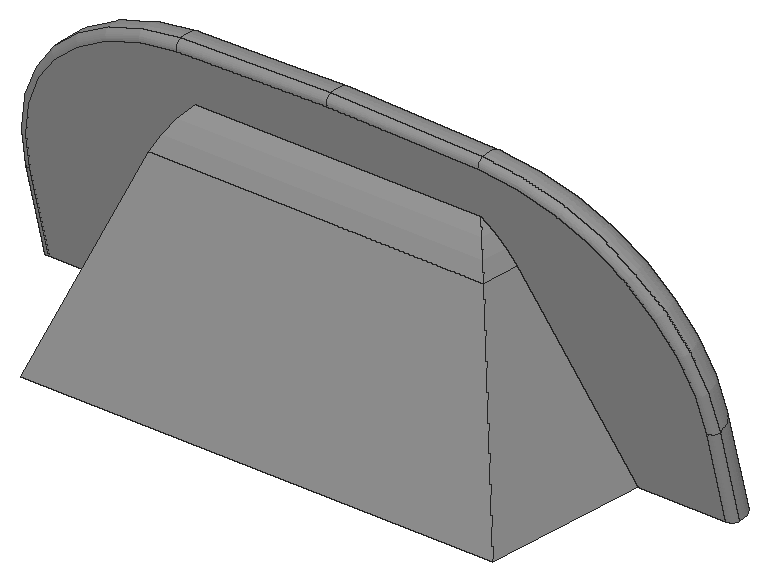
Revit family "Accessory-Shower-Foot_Ledge-KOHLER-K-26306T", category Specialty Equipment, host Face, Revit 2017
Family settings
  Host = Face
  Round Connector Dimension = Use Diameter
  Part Type = Normal
  OmniClass Number = 23.31.25.00
  OmniClass Title = Toilet and Bath Specialties
  Cut with Voids When Loaded = No
  Shared = No
  Room Calculation Point = No
Parameters (values of type "Not A Type-See Type Catlog")
  Width = 11 13/16"  # constant formula
  WaterSense Certified = 1 = 0  # no
  URL = "http://www.kohler.com.cn/"
  Type = 1
  Product Page URL = ""
  Product Name = ""
  Product Documentation Link = ""
  Model = if(Type = 1, "K-26306T-CP", if(Type = 2, "K-26306T-BN", if(Type = 3, "K-26306T-BL", if(Type = 4, "K-26306T-2MB", if(Type = 5, "K-26306T-AF", if(Type = 6, "K-26306T-RGD", if(Type = 7, "K-26306T-SN", "NA")))))))  # "K-26306T-CP"
  Material = "Plastic"  # constant formula
  Master Format 2014 Name = "Toilet, Bath, and Laundry Accessories"  # constant formula
  Master Format 2014 = "10 28 00"  # constant formula
  Manufacturer Address = "Kohler Beijing Office (100016) 36-2-03-B, No. 88, Liuxiang Road, Beijing"  # constant formula
  Manufacturer = "KOHLER Co."  # constant formula
  Length = 5 5/128"  # constant formula
  Height = 3 21/64"  # constant formula
  Finish = Default
  Environmental Product Declaration = ""
  Description = "FOOT LEDGE, INTEGRATED WITH EXPOSED SHOWER"  # constant formula
  Default Elevation = 15"
  Declare Label = ""
  Date Modified = "02/05/2021"  # constant formula
  Date Created = "02/05/2021"  # constant formula
  Copyright = "Copyright KOHLER Co."  # constant formula
  Contact Us = "http://www.kohler.com.cn/contact/contact-us/"
  Assembly Code = "C1030200"
  ADA Compliant = 1 = 0  # no
Reference planes (in)
  plane 1 "Center (Front/Back)": y = 0
  plane 2: z = 0
  plane 3 "Center (Left/Right)": x = 0
  plane 4: y = -1.8032
  plane 5: y = 1.52492
  plane 6: x = -5.90551
  plane 7: x = 5.90699
  plane 8: z = 5.03906
Dimensions and locks (in)
  "Height": plane 5 to plane 4
  "Length": plane 8 to plane 2
  "Width": plane 7 to plane 6
  aligned and locked: plane 2 to host face
  aligned and locked: level to host face
Automatic sketch dimensions
  host sketch curve to host sketch curve = 96"  (x2)
Nested families (in)
  nested 1: "K-26306T" at (0, -1.8032, 0) x (-1, 0, 0) z (0, 1, 0), type "K-26306T"
Definition of nested family "K-26306T"
  Parameters (values of type "K-26306T")
    Material = none
    Default Elevation = 48"
  Reference planes (in)
    plane 1 "Center (Front/Back)": y = 0
    plane 2: z = 0
    plane 3 "Center (Left/Right)": x = 0
    plane 4: y = -5.03937
    plane 5: z = 3.32803
    plane 6: x = -5.90551
    plane 7: x = 5.90551
    plane 8 "A": through (0, -4.79678, 1.51772) normal (0, 0.2561, -0.9667)
    plane 9: z = 1.52482
  Forms (in)
    Sweep 1, solid, material <- "Material", detail levels medium+fine
      path origin (0, -0.69024, 2.60558) x (0, -0.966657, -0.256076) y (-1, 0, 0)
        loop
          arc (4.38494, 2.57646) -> (3.27669, 4.94234) -> (0.84812, 5.90551) r 3.54331
          line (0.84812, 5.90551) -> (-1.1424, 5.90551) -> (-1.1424, -5.90551) -> (0.84812, -5.90551)
          arc (0.84812, -5.90551) -> (3.27669, -4.94234) -> (4.38494, -2.57646) r 3.54331
          arc (4.38494, -2.57646) -> (4.44342, -1.28882) -> (4.46291, 0) r 42.60896
          arc (4.46291, 0) -> (4.44342, 1.28882) -> (4.38494, 2.57646) r 42.60896
      profile origin (0, -5.00435, 1.46274) x (0, 0.966657, 0.256076) y (0, 0.256076, -0.966657)
        loop
          arc (0.13407, 0) -> (0.04125, -0.03741) -> (0.00031, -0.12872) r 0.13386
          arc (0.00031, -0.12872) -> (0.1172, -0.43565) -> (0.41942, -0.56425) r 0.41942
          line (0.41942, -0.56425) -> (0.61092, -0.56425) -> (0.61092, 0) -> (0.13407, 0)
    Extrusion 2, solid, material <- "Material", detail levels medium+fine
      sketch origin (0, -0.69024, 2.60558) x (0, -0.966657, -0.256076) y (-1, 0, 0)
        loop
          line (0.84812, 5.29459) -> (-0.53148, 5.29459) -> (-0.53148, -5.29459) -> (0.84812, -5.29459)
          arc (0.84812, -5.29459) -> (2.85796, -4.49748) -> (3.77514, -2.53952) r 2.93239
          arc (3.77514, -2.53952) -> (3.83277, -1.27034) -> (3.85199, 0) r 41.99804
          arc (3.85199, 0) -> (3.83277, 1.27034) -> (3.77514, 2.53952) r 41.99804
          arc (3.77514, 2.53952) -> (2.85796, 4.49748) -> (0.84812, 5.29459) r 2.93239
      from -0.56425 to 0
    Sweep 3, void
      path origin (0, 0, 0.02461) x (0, 1, 0) y (0, 0, 1)
        loop
          line (0.42872, 3.41906) -> (-4.22842, 2.16067)
          arc (-4.22842, 2.16067) -> (-4.3726, 2.12947) -> (-4.5192, 2.11306) r 1.45256
          arc (-4.5192, 2.11306) -> (-4.56244, 2.11891) -> (-4.6002, 2.14079) r 0.11246
          arc (-4.6002, 2.14079) -> (-4.63275, 2.16154) -> (-4.67003, 2.17154) r 0.12689
          arc (-4.67003, 2.17154) -> (-4.81082, 2.2056) -> (-4.93841, 2.27417) r 0.56789
      profile origin (0, -1.89985, 2.81447) x (0, 0.260851, -0.965379) y (1, 0, 0)
        loop
          line (-0.09829, -5.81513) -> (0, -5.81513) -> (0, 6.19838) -> (-0.09829, 6.19838) -> (-0.09829, -5.81513)
    Sweep 4, solid, material <- "Material", detail levels medium+fine
      path origin (0, 0, 0) x (1, 0, 0) y (0, 0, 1)
        loop
          line (-4.27854, 2.94152) -> (-4.02119, 0) -> (4.02119, 0) -> (4.27854, 2.94152)
      profile origin (0, 0, 0) x (0, 0, 1) y (0, -1, 0)
        loop
          line (1.28012, 3.27061) -> (0, 0) -> (0.26121, 0) -> (1.7886, 3.90235) -> (1.74712, 3.94808)
          arc (1.74712, 3.94808) -> (1.47442, 3.63637) -> (1.28012, 3.27061) r 1.80115
    Extrusion 5, solid, material <- "Material", detail levels medium+fine
      sketch origin (0, 0, 0) x (1, 0, 0) y (0, 0, 1)
        loop
          line (3.78183, 0.26121) -> (4.01832, 2.96429) -> (-4.01832, 2.96429) -> (-3.78183, 0.26121) -> (3.78183, 0.26121)
        loop
          line (2.655, 1.7545) -> (2.655, 2.07815)
          arc (2.655, 2.07815) -> (2.5, 2.23315) -> (2.345, 2.07815) r 0.155
          line (2.345, 2.07815) -> (2.345, 1.7545)
          arc (2.345, 1.7545) -> (2.5, 1.25132) -> (2.655, 1.7545) r 0.27547
        loop
          arc (-2.655, 1.7545) -> (-2.5, 1.25132) -> (-2.345, 1.7545) r 0.27547
          line (-2.345, 1.7545) -> (-2.345, 2.07815)
          arc (-2.345, 2.07815) -> (-2.5, 2.23315) -> (-2.655, 2.07815) r 0.155
          line (-2.655, 2.07815) -> (-2.655, 1.7545)
        loop
          circle (0, 0.71581) r 0.13853
      from 0 to 0.02597
    Extrusion 6, void
      sketch origin (0, 0.76914, -2.21695) x (0, 1, 0) y (0, 0, 1)
        loop
          line (-0.62462, 5.43348) -> (-4.91718, 5.43348) -> (-4.91718, 4.27361) -> (-0.62462, 5.43348)
      from -7.46878 to 9.84252
    Extrusion 7, void
      sketch origin (0, 0, 0) x (0, 1, 0) y (0, 0, 1)
        loop
          line (0, 2.60576) -> (0.55748, 2.60576) -> (0.55748, 3.47042) -> (0, 3.47042) -> (0, 2.60576)
      from -6.60344 to 6.71869
    Extrusion 8, solid, material <- "Material", detail levels coarse
      sketch origin (0, 0, 0) x (0, 1, 0) y (0, 0, 1)
        loop
          line (-4.24865, 1.66293) -> (0, 0) -> (0, 2.78843) -> (-4.24865, 1.66293)
      from -4.27296 to 4.28841
    Extrusion 9, solid, material <- "Material", detail levels coarse
      sketch origin (0, -0.02424, 2.78201) x (0, -0.966657, -0.256076) y (-1, 0, 0)
        loop
          line (-0.34231, -5.90551) -> (1.39934, -5.90551)
          spline (1.39934, -5.90551) -> (1.8348, -5.87676) -> (2.26319, -5.79097) -> (2.67757, -5.64953) -> (3.0712, -5.45474) -> (3.43769, -5.20976) -> (3.77111, -4.91856) -> (4.06603, -4.58588) -> (4.31767, -4.21711) -> (4.52195, -3.81823) -> (4.67556, -3.39572) -> (4.77599, -2.95644) -> (4.82162, -2.50752)
          spline (4.82162, -2.50752) -> (4.82956, -2.29866) -> (4.83681, -2.08978) -> (4.84337, -1.88087) -> (4.84924, -1.67194) -> (4.85442, -1.46299) -> (4.85891, -1.25402) -> (4.86271, -1.04504) -> (4.86581, -0.83605) -> (4.86823, -0.62704) -> (4.86996, -0.41803) -> (4.871, -0.20902) -> (4.87134, 0)
          spline (4.87134, 0) -> (4.871, 0.20902) -> (4.86996, 0.41803) -> (4.86823, 0.62704) -> (4.86581, 0.83605) -> (4.86271, 1.04504) -> (4.85891, 1.25402) -> (4.85442, 1.46299) -> (4.84924, 1.67194) -> (4.84337, 1.88087) -> (4.83681, 2.08978) -> (4.82956, 2.29866) -> (4.82162, 2.50752)
          spline (4.82162, 2.50752) -> (4.77599, 2.95644) -> (4.67556, 3.39572) -> (4.52195, 3.81823) -> (4.31767, 4.21711) -> (4.06603, 4.58588) -> (3.77111, 4.91856) -> (3.43769, 5.20976) -> (3.0712, 5.45474) -> (2.67757, 5.64953) -> (2.26319, 5.79097) -> (1.8348, 5.87676) -> (1.39934, 5.90551)
          line (1.39934, 5.90551) -> (-0.34231, 5.90551) -> (-0.34231, -5.90551)
      from -0.56425 to 0
  Cuts and joins
    Sweep 3, Extrusion 7 cuts Sweep 1
    Sweep 3, Extrusion 7 cuts Extrusion 2
    joined: Sweep 1, Extrusion 2, Extrusion 5
    Extrusion 6 cuts Sweep 4
    Extrusion 7 cuts Extrusion 9
    joined: Extrusion 8, Extrusion 9
  Lines and regions (in)
    Masking region 1
      outline origin (0, 0, 0) x (1, 0, 0) y (0, 1, 0)
        loop
          arc (-5.90551, -1.4476) -> (-4.91856, -3.90119) -> (-2.50752, -4.98793) r 3.54331
          arc (-2.50752, -4.98793) -> (-1.25402, -5.02651) -> (0, -5.03937) r 61.14326
          arc (0, -5.03937) -> (1.25402, -5.02651) -> (2.50752, -4.98793) r 61.14326
          arc (2.50752, -4.98793) -> (4.91856, -3.90119) -> (5.90551, -1.4476) r 3.54331
          line (5.90551, -1.4476) -> (5.90551, 0) -> (-5.90551, 0) -> (-5.90551, -1.4476)
    Masking region 2
      outline origin (0, 0, 0) x (0, 1, 0) y (0, 0, 1)
        loop
          arc (-4.22842, 2.18528) -> (-4.3726, 2.15408) -> (-4.5192, 2.13767) r 1.45256
          arc (-4.5192, 2.13767) -> (-4.54696, 2.13943) -> (-4.57344, 2.14795) r 0.11246
          arc (-4.57344, 2.14795) -> (-4.59214, 2.15293) -> (-4.6114, 2.15121) r 0.05562
          line (-4.6114, 2.15121) -> (-4.75019, 2.11371)
          arc (-4.75019, 2.11371) -> (-5.00616, 1.91202) -> (-5.03759, 1.58766) r 0.41505
          arc (-5.03759, 1.58766) -> (-4.97786, 1.51203) -> (-4.88302, 1.49488) r 0.13618
          line (-4.88302, 1.49488) -> (-3.94473, 1.74344)
          arc (-3.94473, 1.74344) -> (-3.63432, 1.47301) -> (-3.27061, 1.28012) r 1.80115
          line (-3.27061, 1.28012) -> (0, 0) -> (0, 3.32782) -> (-4.22842, 2.18528)
    Masking region 3
      outline origin (0, 0, 0) x (1, 0, 0) y (0, 0, 1)
        loop
          arc (-5.67087, 3.32803) -> (-5.84723, 3.15897) -> (-5.90499, 2.9216) r 0.43606
          line (-5.90499, 2.9216) -> (-5.90499, 2.52937)
          arc (-5.90499, 2.52937) -> (-5.87253, 2.36871) -> (-5.78026, 2.23326) r 0.41385
          arc (-5.78026, 2.23326) -> (-5.52517, 2.03619) -> (-5.2317, 1.90286) r 1.39651
          arc (-5.2317, 1.90286) -> (-4.65857, 1.74183) -> (-4.07513, 1.62346) r 8.07551
          line (-4.07513, 1.62346) -> (-4.04663, 1.115)
          arc (-4.04663, 1.115) -> (-3.67884, 0.32288) -> (-2.86738, 0) r 1.1811
          line (-2.86738, 0) -> (-0.25, 0) -> (-0.25, 0.14107)
          arc (-0.25, 0.14107) -> (-0.20383, 0.1706) -> (-0.15, 0.18094) r 0.14534
          line (-0.15, 0.18094) -> (0.15, 0.18094)
          arc (0.15, 0.18094) -> (0.20383, 0.1706) -> (0.25, 0.14107) r 0.14534
          line (0.25, 0.14107) -> (0.25, 0) -> (2.86738, 0)
          arc (2.86738, 0) -> (3.67884, 0.32288) -> (4.04663, 1.115) r 1.1811
          line (4.04663, 1.115) -> (4.07513, 1.62346)
          arc (4.07513, 1.62346) -> (4.65857, 1.74183) -> (5.2317, 1.90286) r 8.07551
          arc (5.2317, 1.90286) -> (5.52517, 2.03619) -> (5.78026, 2.23326) r 1.39651
          arc (5.78026, 2.23326) -> (5.87253, 2.36871) -> (5.90499, 2.52937) r 0.41385
          line (5.90499, 2.52937) -> (5.90499, 2.9216)
          arc (5.90499, 2.9216) -> (5.84723, 3.15897) -> (5.67087, 3.32803) r 0.43606
          line (5.67087, 3.32803) -> (0, 3.32803) -> (-5.67087, 3.32803)
    symbolic lines, detail levels medium+fine
      curve 1: line (-5.68709, -1.651, 0) -> (-5.67076, 0, 0)
      curve 2: spline (-4.36737, -4.22899, 0) -> (-4.56656, -4.07169, 0) -> (-4.75254, -3.89999, 0) -> (-4.92418, -3.7149, 0) -> (-5.08048, -3.51754, 0) -> (-5.22048, -3.30909, 0) -> (-5.34334, -3.0908, 0) -> (-5.44833, -2.86399, 0) -> (-5.53482, -2.63001, 0) -> (-5.60228, -2.39027, 0) -> (-5.65032, -2.14621, 0) -> (-5.67865, -1.89929, 0) -> (-5.68709, -1.651, 0)
      curve 3: line (3.10068, -4.58871, 0) -> (-3.10068, -4.58871, 0)
      curve 4: spline (-3.78062, -4.5192, 0) -> (-3.83271, -4.5017, 0) -> (-3.88435, -4.48292, 0) -> (-3.9355, -4.46289, 0) -> (-3.98612, -4.44161, 0) -> (-4.03617, -4.41912, 0) -> (-4.08562, -4.39542, 0) -> (-4.13442, -4.37053, 0) -> (-4.18253, -4.34447, 0) -> (-4.22992, -4.31726, 0) -> (-4.27655, -4.28893, 0) -> (-4.32238, -4.2595, 0) -> (-4.36737, -4.22899, 0)
      curve 5: line (-3.10068, -4.58871, 0) -> (-3.78062, -4.5192, 0)
      curve 6: line (3.78062, -4.5192, 0) -> (3.10068, -4.58871, 0)
      curve 7: spline (5.68709, -1.651, 0) -> (5.67864, -1.89938, 0) -> (5.65029, -2.14639, 0) -> (5.60222, -2.39054, 0) -> (5.5347, -2.63037, 0) -> (5.44815, -2.86442, 0) -> (5.34308, -3.0913, 0) -> (5.22013, -3.30965, 0) -> (5.08003, -3.51814, 0) -> (4.92363, -3.71554, 0) -> (4.75187, -3.90065, 0) -> (4.56577, -4.07237, 0) -> (4.36645, -4.22966, 0)
      curve 8: spline (4.36645, -4.22966, 0) -> (4.32169, -4.26068, 0) -> (4.27608, -4.29051, 0) -> (4.22963, -4.31915, 0) -> (4.18239, -4.34655, 0) -> (4.1344, -4.3727, 0) -> (4.0857, -4.39759, 0) -> (4.03632, -4.42118, 0) -> (3.9863, -4.44347, 0) -> (3.93567, -4.46443, 0) -> (3.88449, -4.48405, 0) -> (3.8328, -4.50231, 0) -> (3.78062, -4.5192, 0)
      curve 9: line (5.67076, 0, 0) -> (5.68709, -1.651, 0)
      curve 10: line (0, -3.94473, 1.74344) -> (0, 0, 2.78843)
      curve 11: arc (-2.6253, 0, 1.52716) -> (-1.31278, 0, 1.49911) -> (0, 0, 1.48976) r 92.16794
      curve 12: arc (-4.07513, 0, 1.62346) -> (-3.35113, 0, 1.56159) -> (-2.6253, 0, 1.52716) r 19.20441
      curve 13: arc (2.6253, 0, 1.52716) -> (1.31278, 0, 1.49911) -> (0, 0, 1.48976) r 92.16794
      curve 14: arc (4.07513, 0, 1.62346) -> (3.35113, 0, 1.56159) -> (2.6253, 0, 1.52716) r 19.20441
      curve 15: line (-5.68709, 0, 2.88171) -> (-5.67076, 0, 3.32782)
      curve 16: spline (-4.36744, 0, 2.18514) -> (-4.56662, 0, 2.22764) -> (-4.75259, 0, 2.27404) -> (-4.92423, 0, 2.32405) -> (-5.08051, 0, 2.37738) -> (-5.2205, 0, 2.4337) -> (-5.34336, 0, 2.49268) -> (-5.44834, 0, 2.55397) -> (-5.53483, 0, 2.61719) -> (-5.60229, 0, 2.68196) -> (-5.65033, 0, 2.74791) -> (-5.67865, 0, 2.81463) -> (-5.68709, 0, 2.88171)
      curve 17: spline (-3.78062, 0, 2.13767) -> (-3.83271, 0, 2.13753) -> (-3.88436, 0, 2.13814) -> (-3.93552, 0, 2.1395) -> (-3.98615, 0, 2.14162) -> (-4.03621, 0, 2.14447) -> (-4.08566, 0, 2.14808) -> (-4.13446, 0, 2.15242) -> (-4.18258, 0, 2.15751) -> (-4.22997, 0, 2.16333) -> (-4.27661, 0, 2.16988) -> (-4.32244, 0, 2.17715) -> (-4.36744, 0, 2.18514)
      curve 18: line (-3.10068, 0, 2.15655) -> (-3.78062, 0, 2.13767)
      curve 19: line (3.10068, 0, 2.15655) -> (-3.10068, 0, 2.15655)
      curve 20: line (5.68709, 0, 2.88171) -> (5.67076, 0, 3.32782)
      curve 21: spline (4.36744, 0, 2.18514) -> (4.56662, 0, 2.22764) -> (4.75259, 0, 2.27404) -> (4.92423, 0, 2.32405) -> (5.08051, 0, 2.37738) -> (5.2205, 0, 2.4337) -> (5.34336, 0, 2.49268) -> (5.44834, 0, 2.55397) -> (5.53483, 0, 2.61719) -> (5.60229, 0, 2.68196) -> (5.65033, 0, 2.74791) -> (5.67865, 0, 2.81463) -> (5.68709, 0, 2.88171)
      curve 22: spline (3.78062, 0, 2.13767) -> (3.83271, 0, 2.13753) -> (3.88436, 0, 2.13814) -> (3.93552, 0, 2.1395) -> (3.98615, 0, 2.14162) -> (4.03621, 0, 2.14447) -> (4.08566, 0, 2.14808) -> (4.13446, 0, 2.15242) -> (4.18258, 0, 2.15751) -> (4.22997, 0, 2.16333) -> (4.27661, 0, 2.16988) -> (4.32244, 0, 2.17715) -> (4.36744, 0, 2.18514)
      curve 23: line (3.10068, 0, 2.15655) -> (3.78062, 0, 2.13767)
  Dimensions and locks (in)
    plane 1 "Center (Front/Back)" to plane 4 = 5.03937"
    plane 5 to plane 2 = 3.32803"
    plane 6 to plane 7 = 11.81102"
    aligned and locked: plane 2 to level
Types in the file's own list only (7): name | Type | Model | Length | Height | Finish
  CP-Polished Chrome | 1 | "K-26306T-CP" | 5 1/16" | 3 5/16" | Kohler-Plastic-CP-Polished_Chrome
  BN-Vibrant Brushed Nickel | 2 | "K-26306T-BN" | 5 1/16" | 3 5/16" | KOHLER-Plastic-BN-Vibrant_Brushed_Nickel
  BL-Matte Black | 3 | "K-26306T-BL" | 5 1/16" | 3 5/16" | KOHLER-Plastic-BL-Matte_Black
  2MB-Vibrant Brushed Moderne Brass | 4 | "K-26306T-2MB" | 5 1/16" | 3 5/16" | KOHLER-Plastic-2MB-Vibrant_Brushed_Moderne_Brass
  AF-Vibrant French Gold | 5 | "K-26306T-AF" | 5 1/16" | 3 5/16" | KOHLER-Plastic-AF-Vibrant_French_Gold
  RGD-Rose Gold | 6 | "K-26306T-RGD" | 5 1/16" | 3 5/16" | Kohler-Plastic-RGD-Rose_Gold
  SN-Vibrant Polished Nickel | 7 | "K-26306T-SN" | 5 1/16" | 3 5/16" | KOHLER-Plasticl-SN-Vibrant_Polished_Nickel
